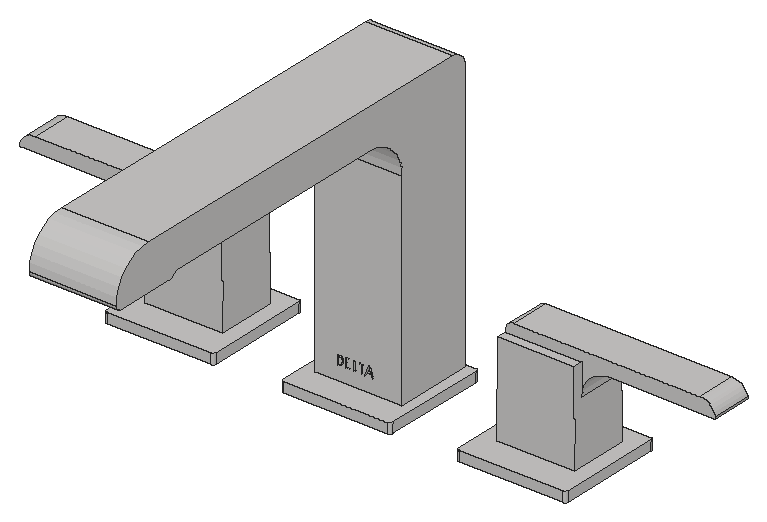
Revit family "Delta Bath Ara 2767", category Plumbing Fixtures, host Face, Revit 2012
Parameters (values of type "Delta Bath Ara 2767")
  URL = "http://www.deltafaucet.com "
  Tap = Stainless Steel
  Model = "2767"
  Manufacturer = "Delta"
  Default Elevation = 48.000"
Reference planes (in)
  plane 1 "Center (Front/Back)": y = 0
  plane 2: z = 0
  plane 3 "Center (Left/Right)": x = 0
Forms (in)
  Extrusion 1, solid, material "Stainless Steel" <- "Tap"
    sketch origin (0, 0, 0) x (0, 1, 0) y (0, 0, 1)
      loop
        arc (1.046, 6.33478) -> (0.94568, 6.57698) -> (0.70348, 6.6773) r 0.34252
        line (0.70348, 6.6773) -> (-7.89149, 6.6773)
        arc (-7.89149, 6.6773) -> (-8.53199, 6.41187) -> (-8.797, 5.7712) r 0.90551
        arc (-8.797, 5.7712) -> (-8.76233, 5.68782) -> (-8.67889, 5.6533) r 0.11811
        line (-8.67889, 5.6533) -> (-7.3052, 5.6533)
        arc (-7.3052, 5.6533) -> (-7.26293, 5.66112) -> (-7.22626, 5.68356) r 0.11811
        arc (-7.22626, 5.68356) -> (-7.11991, 5.74861) -> (-6.99733, 5.7713) r 0.34252
        line (-6.99733, 5.7713) -> (-1.63151, 5.7713)
        arc (-1.63151, 5.7713) -> (-0.99122, 5.50608) -> (-0.726, 4.86579) r 0.90551
        line (-0.726, 4.86579) -> (-0.726, 0.221) -> (1.046, 0.221) -> (1.046, 6.33478)
    from -0.96522 to 1.00378
  Extrusion 2, solid, material "Stainless Steel" <- "Tap"
    sketch origin (-2, 0, 0) x (1, 0, 0) y (0, 0, 1)
      loop
        line (-1.12387, 2.324) -> (-2.83757, 2.324) -> (-2.85592, 0.221) -> (-1.10552, 0.221) -> (-1.12387, 2.324)
    from -0.6625 to 0.6625
  Extrusion 3, void
    sketch origin (0, 0, 0) x (1, 0, 0) y (0, 0, 1)
      loop
        line (-0.45552, 0.53573) -> (-0.39353, 0.536)
        arc (-0.39353, 0.536) -> (-0.3453, 0.55308) -> (-0.31857, 0.5967) r 0.07663
        arc (-0.31857, 0.5967) -> (-0.31346, 0.64532) -> (-0.31857, 0.69394) r 0.23384
        arc (-0.31857, 0.69394) -> (-0.3453, 0.73756) -> (-0.39353, 0.75491) r 0.07663
        line (-0.39353, 0.75491) -> (-0.45552, 0.75491) -> (-0.45552, 0.53573)
      loop
        line (-0.42452, 0.72364) -> (-0.42452, 0.567) -> (-0.39353, 0.567)
        arc (-0.39353, 0.567) -> (-0.36481, 0.57717) -> (-0.34889, 0.60314) r 0.04563
        arc (-0.34889, 0.60314) -> (-0.34446, 0.64532) -> (-0.34889, 0.68749) r 0.20284
        arc (-0.34889, 0.68749) -> (-0.36481, 0.71347) -> (-0.39353, 0.72364) r 0.04563
        line (-0.39353, 0.72364) -> (-0.42452, 0.72364)
      loop
        line (-0.27549, 0.53573) -> (-0.15667, 0.53573) -> (-0.15667, 0.567) -> (-0.24449, 0.567) -> (-0.24449, 0.63045) -> (-0.16253, 0.63045) -> (-0.16253, 0.66145) -> (-0.24449, 0.66145) -> (-0.24449, 0.72391) -> (-0.15667, 0.72391) -> (-0.15667, 0.75491) -> (-0.27549, 0.75491) -> (-0.27549, 0.53573)
      loop
        line (-0.0462, 0.567) -> (-0.0462, 0.75491) -> (-0.0772, 0.75491) -> (-0.0772, 0.53573) -> (0.04162, 0.53573) -> (0.04162, 0.567) -> (-0.0462, 0.567)
      loop
        line (0.04162, 0.72391) -> (0.09191, 0.72391) -> (0.09191, 0.53573) -> (0.12291, 0.53573) -> (0.12291, 0.72391) -> (0.1732, 0.72391) -> (0.1732, 0.75491) -> (0.04162, 0.75491) -> (0.04162, 0.72391)
      loop
        line (0.1732, 0.53573) -> (0.2064, 0.53573) -> (0.22604, 0.58688) -> (0.31996, 0.58688) -> (0.33959, 0.53573) -> (0.3728, 0.53573) -> (0.28866, 0.75491) -> (0.25733, 0.75491) -> (0.1732, 0.53573)
      loop
        line (0.23794, 0.61788) -> (0.30806, 0.61788) -> (0.273, 0.70921) -> (0.23794, 0.61788)
    from 0.67 to 0.73513
  Extrusion 4, solid, material "Stainless Steel" <- "Tap"
    sketch origin (-2.85512, 0, 0.474) x (1, 0, 0) y (0, 0, 1)
      loop
        arc (-2.58854, 1.755) -> (-2.16243, 1.57741) -> (-1.98856, 1.14976) r 0.6
        line (-1.98856, 1.14976) -> (-1.98314, 1.77035) -> (-0.26806, 1.77035) -> (-0.26925, 1.90657)
        arc (-0.26925, 1.90657) -> (-0.32252, 2.03283) -> (-0.44924, 2.085) r 0.18
        line (-0.44924, 2.085) -> (-4.6489, 2.085)
        arc (-4.6489, 2.085) -> (-4.87931, 2.00718) -> (-5.01535, 1.80559) r 0.38
        arc (-5.01535, 1.80559) -> (-5.00859, 1.77075) -> (-4.97678, 1.755) r 0.04
        line (-4.97678, 1.755) -> (-2.58854, 1.755)
    from -0.4675 to 0.4375
  Extrusion 5, solid, material "Stainless Steel" <- "Tap"
    sketch origin (2, 0, 0) x (-1, 0, 0) y (0, 0, -1)
      loop
        line (-1.12387, -2.324) -> (-1.10552, -0.221) -> (-2.85592, -0.221) -> (-2.83757, -2.324) -> (-1.12387, -2.324)
    from -0.6625 to 0.6625
  Extrusion 6, solid, material "Stainless Steel" <- "Tap"
    sketch origin (2.85512, 0, 0.474) x (-1, 0, 0) y (0, 0, -1)
      loop
        line (-2.58854, -1.755) -> (-4.97678, -1.755)
        arc (-4.97678, -1.755) -> (-5.00859, -1.77075) -> (-5.01535, -1.80559) r 0.04
        arc (-5.01535, -1.80559) -> (-4.87931, -2.00718) -> (-4.6489, -2.085) r 0.38
        line (-4.6489, -2.085) -> (-0.44924, -2.085)
        arc (-0.44924, -2.085) -> (-0.32252, -2.03283) -> (-0.26925, -1.90657) r 0.18
        line (-0.26925, -1.90657) -> (-0.26806, -1.77035) -> (-1.98314, -1.77035) -> (-1.98856, -1.14976)
        arc (-1.98856, -1.14976) -> (-2.16243, -1.57741) -> (-2.58854, -1.755) r 0.6
    from -0.4675 to 0.4375
  Extrusion 7, solid, material "Stainless Steel" <- "Tap"
    sketch origin (0, 0.18163, 0) x (1, 0, 0) y (0, 1, 0)
      loop
        line (1.18828, 0.93537) -> (-1.14972, 0.93537)
        arc (-1.14972, 0.93537) -> (-1.19992, 0.91457) -> (-1.22072, 0.86437) r 0.071
        line (-1.22072, 0.86437) -> (-1.22072, -1.47363)
        arc (-1.22072, -1.47363) -> (-1.19992, -1.52384) -> (-1.14972, -1.54463) r 0.071
        line (-1.14972, -1.54463) -> (1.18828, -1.54463)
        arc (1.18828, -1.54463) -> (1.23848, -1.52384) -> (1.25928, -1.47363) r 0.071
        line (1.25928, -1.47363) -> (1.25928, 0.86437)
        arc (1.25928, 0.86437) -> (1.23848, 0.91457) -> (1.18828, 0.93537) r 0.071
    from 0 to 0.221
  Extrusion 8, solid, material "Stainless Steel" <- "Tap"
    sketch origin (-4, 0.18163, 0) x (1, 0, 0) y (0, 1, 0)
      loop
        arc (-1.14972, 0.93537) -> (-1.19992, 0.91457) -> (-1.22072, 0.86437) r 0.071
        line (-1.22072, 0.86437) -> (-1.22072, -1.47363)
        arc (-1.22072, -1.47363) -> (-1.19992, -1.52384) -> (-1.14972, -1.54463) r 0.071
        line (-1.14972, -1.54463) -> (1.18828, -1.54463)
        arc (1.18828, -1.54463) -> (1.23848, -1.52384) -> (1.25928, -1.47363) r 0.071
        line (1.25928, -1.47363) -> (1.25928, 0.86437)
        arc (1.25928, 0.86437) -> (1.23848, 0.91457) -> (1.18828, 0.93537) r 0.071
        line (1.18828, 0.93537) -> (-1.14972, 0.93537)
    from 0 to 0.221
  Extrusion 9, solid, material "Stainless Steel" <- "Tap"
    sketch origin (4, 0.18163, 0) x (-1, 0, 0) y (0, -1, 0)
      loop
        line (-1.14972, -0.93537) -> (1.18828, -0.93537)
        arc (1.18828, -0.93537) -> (1.23848, -0.91457) -> (1.25928, -0.86437) r 0.071
        line (1.25928, -0.86437) -> (1.25928, 1.47363)
        arc (1.25928, 1.47363) -> (1.23848, 1.52384) -> (1.18828, 1.54463) r 0.071
        line (1.18828, 1.54463) -> (-1.14972, 1.54463)
        arc (-1.14972, 1.54463) -> (-1.19992, 1.52384) -> (-1.22072, 1.47363) r 0.071
        line (-1.22072, 1.47363) -> (-1.22072, -0.86437)
        arc (-1.22072, -0.86437) -> (-1.19992, -0.91457) -> (-1.14972, -0.93537) r 0.071
    from 0 to 0.221
Cuts and joins
  Extrusion 3 cuts Extrusion 1
Dimensions and locks (in)
  aligned and locked: plane 2 to host face
  aligned and locked: level to host face
Connectors (in)
  piping at (0, 0, 0)
    settings: on host face, index 1, connector radius 12", flow factor 0, pipe flow 0 GPM, pressure drop 0.00 psi, fitting loss kfactor 0, connector angle 0.00°, fixture units 0, engagement length 0.000", flow configuration 0, flow direction 0, fitting loss method 0, system type 7, joint type 0, gender type 0, connector reference index -1, connector utility 0, adjustable connector no, is connector primary yes, fitting loss table "", connector description ""
